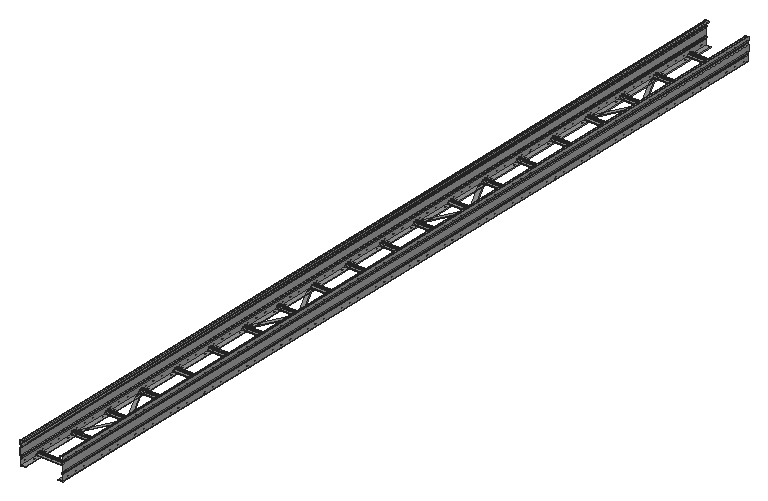
Revit family "W1630 FS, FT, FT SO, A4.28.08", category Generic Models, Revit 2017 (continued)
Dimensions and locks
  locked: Extrusion 203 sketch curve to Extrusion 203 sketch curve at 9
  locked: Extrusion 204 sketch curve to Extrusion 204 sketch curve at 9
  locked: Extrusion 205 sketch curve to Extrusion 205 sketch curve at 9
  locked: Extrusion 206 sketch curve to Extrusion 206 sketch curve at 9
  locked: Extrusion 207 sketch curve to Extrusion 207 sketch curve at 9
  locked: Extrusion 208 sketch curve to Extrusion 208 sketch curve at 9
  locked: Extrusion 209 sketch curve to Extrusion 209 sketch curve at 9
  locked: Extrusion 210 sketch curve to Extrusion 210 sketch curve at 9
  locked: Extrusion 211 sketch curve to Extrusion 211 sketch curve at 9
  locked: Extrusion 212 sketch curve to Extrusion 212 sketch curve at 9
  locked: Extrusion 213 sketch curve to Extrusion 213 sketch curve at 9
  locked: Extrusion 214 sketch curve to Extrusion 214 sketch curve at 9
  locked: Extrusion 215 sketch curve to Extrusion 215 sketch curve at 9
  locked: Extrusion 216 sketch curve to Extrusion 216 sketch curve at 9
  locked: Extrusion 217 sketch curve to Extrusion 217 sketch curve at 9
  locked: Extrusion 218 sketch curve to Extrusion 218 sketch curve at 9
  locked: Extrusion 219 sketch curve to Extrusion 219 sketch curve at 9
  locked: Extrusion 220 sketch curve to Extrusion 220 sketch curve at 9
  locked: Extrusion 221 sketch curve to Extrusion 221 sketch curve at 9
  locked: Extrusion 222 sketch curve to Extrusion 222 sketch curve at 9
  locked: Extrusion 223 sketch curve to Extrusion 223 sketch curve at 9
  locked: Extrusion 224 sketch curve to Extrusion 224 sketch curve at 9
  locked: Extrusion 225 sketch curve to Extrusion 225 sketch curve at 9
  locked: Extrusion 226 sketch curve to Extrusion 226 sketch curve at 9
  locked: Extrusion 227 sketch curve to Extrusion 227 sketch curve at 9
  locked: Extrusion 228 sketch curve to Extrusion 228 sketch curve at 9
  locked: Extrusion 229 sketch curve to Extrusion 229 sketch curve at 9
  locked: Extrusion 230 sketch curve to Extrusion 230 sketch curve at 9
  locked: Extrusion 231 sketch curve to Extrusion 231 sketch curve at 9
  locked: Extrusion 232 sketch curve to Extrusion 232 sketch curve at 9
  locked: Extrusion 233 sketch curve to Extrusion 233 sketch curve at 9
  locked: Extrusion 234 sketch curve to Extrusion 234 sketch curve at 9
  locked: Extrusion 235 sketch curve to Extrusion 235 sketch curve at 9
  locked: Extrusion 236 sketch curve to Extrusion 236 sketch curve at 9
  locked: Extrusion 237 sketch curve to Extrusion 237 sketch curve at 9
  locked: Extrusion 238 sketch curve to Extrusion 238 sketch curve at 9
  locked: Extrusion 239 sketch curve to Extrusion 239 sketch curve at 9
  locked: Extrusion 240 sketch curve to Extrusion 240 sketch curve at 9
  locked: Extrusion 241 sketch curve to Extrusion 241 sketch curve at 9
  locked: Extrusion 242 sketch curve to Extrusion 242 sketch curve at 9
  locked: Extrusion 243 sketch curve to Extrusion 243 sketch curve at 25
  locked: Extrusion 243 sketch curve to Extrusion 243 sketch curve at 9
  locked: Extrusion 244 sketch curve to Extrusion 244 sketch curve at 25
  locked: Extrusion 244 sketch curve to Extrusion 244 sketch curve at 9
  equal spacing: group 160, group 161, group 162, group 163, group 164, group 165, group 166, group 167, group 168, group 169, group 170, group 171, group 172, group 173, group 174, group 175, group 176, group 177, group 178, group 179, group 180, group 181, group 182, group 183, group 184, group 185, group 186, group 187, group 188, group 189, group 190, group 191, group 192, group 193, group 194, group 195, group 196, group 197, group 198, group 199, group 200, group 201, group 202, group 203, group 204, group 205, group 206, group 207, group 208, group 209, group 210, group 211, group 212, group 213, group 214, group 215, group 216, group 217, group 218, group 219, group 220, group 221, group 222, group 223, group 224, group 225, group 226, group 227, group 228, group 229, group 230, group 231, group 232, group 233, group 234, group 235, group 236, group 237, group 238, group 239  (x3)
  locked: Extrusion 245 sketch curve to Extrusion 245 sketch curve at 25
  locked: Extrusion 245 sketch curve to Extrusion 245 sketch curve at 9
  locked: Extrusion 246 sketch curve to Extrusion 246 sketch curve at 25
  locked: Extrusion 246 sketch curve to Extrusion 246 sketch curve at 9
  locked: Extrusion 247 sketch curve to Extrusion 247 sketch curve at 25
  locked: Extrusion 247 sketch curve to Extrusion 247 sketch curve at 9
  locked: Extrusion 248 sketch curve to Extrusion 248 sketch curve at 25
  locked: Extrusion 248 sketch curve to Extrusion 248 sketch curve at 9
  locked: Extrusion 249 sketch curve to Extrusion 249 sketch curve at 25
  locked: Extrusion 249 sketch curve to Extrusion 249 sketch curve at 9
  locked: Extrusion 250 sketch curve to Extrusion 250 sketch curve at 25
  locked: Extrusion 250 sketch curve to Extrusion 250 sketch curve at 9
  locked: Extrusion 251 sketch curve to Extrusion 251 sketch curve at 25
  locked: Extrusion 251 sketch curve to Extrusion 251 sketch curve at 9
  locked: Extrusion 252 sketch curve to Extrusion 252 sketch curve at 25
  locked: Extrusion 252 sketch curve to Extrusion 252 sketch curve at 9
  locked: Extrusion 253 sketch curve to Extrusion 253 sketch curve at 25
  locked: Extrusion 253 sketch curve to Extrusion 253 sketch curve at 9
  locked: Extrusion 254 sketch curve to Extrusion 254 sketch curve at 25
  locked: Extrusion 254 sketch curve to Extrusion 254 sketch curve at 9
  locked: Extrusion 255 sketch curve to Extrusion 255 sketch curve at 25
  locked: Extrusion 255 sketch curve to Extrusion 255 sketch curve at 9
  locked: Extrusion 256 sketch curve to Extrusion 256 sketch curve at 25
  locked: Extrusion 256 sketch curve to Extrusion 256 sketch curve at 9
  locked: Extrusion 257 sketch curve to Extrusion 257 sketch curve at 25
  locked: Extrusion 257 sketch curve to Extrusion 257 sketch curve at 9
  locked: Extrusion 258 sketch curve to Extrusion 258 sketch curve at 25
  locked: Extrusion 258 sketch curve to Extrusion 258 sketch curve at 9
  locked: Extrusion 259 sketch curve to Extrusion 259 sketch curve at 25
  locked: Extrusion 259 sketch curve to Extrusion 259 sketch curve at 9
  locked: Extrusion 260 sketch curve to Extrusion 260 sketch curve at 25
  locked: Extrusion 260 sketch curve to Extrusion 260 sketch curve at 9
  locked: Extrusion 261 sketch curve to Extrusion 261 sketch curve at 25
  locked: Extrusion 261 sketch curve to Extrusion 261 sketch curve at 9
  locked: Extrusion 262 sketch curve to Extrusion 262 sketch curve at 25
  locked: Extrusion 262 sketch curve to Extrusion 262 sketch curve at 9
  locked: Extrusion 263 sketch curve to Extrusion 263 sketch curve at 25
  locked: Extrusion 263 sketch curve to Extrusion 263 sketch curve at 9
  locked: Extrusion 264 sketch curve to Extrusion 264 sketch curve at 25
  locked: Extrusion 264 sketch curve to Extrusion 264 sketch curve at 9
  locked: Extrusion 265 sketch curve to Extrusion 265 sketch curve at 25
  locked: Extrusion 265 sketch curve to Extrusion 265 sketch curve at 9
  locked: Extrusion 266 sketch curve to Extrusion 266 sketch curve at 25
  locked: Extrusion 266 sketch curve to Extrusion 266 sketch curve at 9
  locked: Extrusion 267 sketch curve to Extrusion 267 sketch curve at 25
  locked: Extrusion 267 sketch curve to Extrusion 267 sketch curve at 9
  locked: Extrusion 268 sketch curve to Extrusion 268 sketch curve at 25
  locked: Extrusion 268 sketch curve to Extrusion 268 sketch curve at 9
  locked: Extrusion 269 sketch curve to Extrusion 269 sketch curve at 25
  locked: Extrusion 269 sketch curve to Extrusion 269 sketch curve at 9
  locked: Extrusion 270 sketch curve to Extrusion 270 sketch curve at 25
  locked: Extrusion 270 sketch curve to Extrusion 270 sketch curve at 9
  locked: Extrusion 271 sketch curve to Extrusion 271 sketch curve at 25
  locked: Extrusion 271 sketch curve to Extrusion 271 sketch curve at 9
  locked: Extrusion 272 sketch curve to Extrusion 272 sketch curve at 25
  locked: Extrusion 272 sketch curve to Extrusion 272 sketch curve at 9
  locked: Extrusion 273 sketch curve to Extrusion 273 sketch curve at 25
  locked: Extrusion 273 sketch curve to Extrusion 273 sketch curve at 9
  locked: Extrusion 274 sketch curve to Extrusion 274 sketch curve at 25
  locked: Extrusion 274 sketch curve to Extrusion 274 sketch curve at 9
  locked: Extrusion 275 sketch curve to Extrusion 275 sketch curve at 25
  locked: Extrusion 275 sketch curve to Extrusion 275 sketch curve at 9
  locked: Extrusion 276 sketch curve to Extrusion 276 sketch curve at 25
  locked: Extrusion 276 sketch curve to Extrusion 276 sketch curve at 9
  locked: Extrusion 277 sketch curve to Extrusion 277 sketch curve at 25
  locked: Extrusion 277 sketch curve to Extrusion 277 sketch curve at 9
  locked: Extrusion 278 sketch curve to Extrusion 278 sketch curve at 25
  locked: Extrusion 278 sketch curve to Extrusion 278 sketch curve at 9
  locked: Extrusion 279 sketch curve to Extrusion 279 sketch curve at 25
  locked: Extrusion 279 sketch curve to Extrusion 279 sketch curve at 9
  locked: Extrusion 280 sketch curve to Extrusion 280 sketch curve at 25
  locked: Extrusion 280 sketch curve to Extrusion 280 sketch curve at 9
  locked: Extrusion 281 sketch curve to Extrusion 281 sketch curve at 25
  locked: Extrusion 281 sketch curve to Extrusion 281 sketch curve at 9
  locked: Extrusion 282 sketch curve to Extrusion 282 sketch curve at 25
  locked: Extrusion 282 sketch curve to Extrusion 282 sketch curve at 9
  locked: Extrusion 283 sketch curve to Extrusion 283 sketch curve at 25
  locked: Extrusion 283 sketch curve to Extrusion 283 sketch curve at 9
  locked: Extrusion 284 sketch curve to Extrusion 284 sketch curve at 25
  locked: Extrusion 284 sketch curve to Extrusion 284 sketch curve at 9
  locked: Extrusion 285 sketch curve to Extrusion 285 sketch curve at 25
  locked: Extrusion 285 sketch curve to Extrusion 285 sketch curve at 9
  locked: Extrusion 286 sketch curve to Extrusion 286 sketch curve at 25
  locked: Extrusion 286 sketch curve to Extrusion 286 sketch curve at 9
  locked: Extrusion 287 sketch curve to Extrusion 287 sketch curve at 25
  locked: Extrusion 287 sketch curve to Extrusion 287 sketch curve at 9
  locked: Extrusion 288 sketch curve to Extrusion 288 sketch curve at 25
  locked: Extrusion 288 sketch curve to Extrusion 288 sketch curve at 9
  locked: Extrusion 289 sketch curve to Extrusion 289 sketch curve at 25
  locked: Extrusion 289 sketch curve to Extrusion 289 sketch curve at 9
  locked: Extrusion 290 sketch curve to Extrusion 290 sketch curve at 25
  locked: Extrusion 290 sketch curve to Extrusion 290 sketch curve at 9
  locked: Extrusion 291 sketch curve to Extrusion 291 sketch curve at 25
  locked: Extrusion 291 sketch curve to Extrusion 291 sketch curve at 9
  locked: Extrusion 292 sketch curve to Extrusion 292 sketch curve at 25
  locked: Extrusion 292 sketch curve to Extrusion 292 sketch curve at 9
  locked: Extrusion 293 sketch curve to Extrusion 293 sketch curve at 25
  locked: Extrusion 293 sketch curve to Extrusion 293 sketch curve at 9
  locked: Extrusion 294 sketch curve to Extrusion 294 sketch curve at 25
  locked: Extrusion 294 sketch curve to Extrusion 294 sketch curve at 9
  locked: Extrusion 295 sketch curve to Extrusion 295 sketch curve at 25
  locked: Extrusion 295 sketch curve to Extrusion 295 sketch curve at 9
  locked: Extrusion 296 sketch curve to Extrusion 296 sketch curve at 25
  locked: Extrusion 296 sketch curve to Extrusion 296 sketch curve at 9
  locked: Extrusion 297 sketch curve to Extrusion 297 sketch curve at 25
  locked: Extrusion 297 sketch curve to Extrusion 297 sketch curve at 9
  locked: Extrusion 298 sketch curve to Extrusion 298 sketch curve at 25
  locked: Extrusion 298 sketch curve to Extrusion 298 sketch curve at 9
  locked: Extrusion 299 sketch curve to Extrusion 299 sketch curve at 25
  locked: Extrusion 299 sketch curve to Extrusion 299 sketch curve at 9
  locked: Extrusion 300 sketch curve to Extrusion 300 sketch curve at 25
  locked: Extrusion 300 sketch curve to Extrusion 300 sketch curve at 9
  locked: Extrusion 301 sketch curve to Extrusion 301 sketch curve at 25
  locked: Extrusion 301 sketch curve to Extrusion 301 sketch curve at 9
  locked: Extrusion 302 sketch curve to Extrusion 302 sketch curve at 25
  locked: Extrusion 302 sketch curve to Extrusion 302 sketch curve at 9
  locked: Extrusion 303 sketch curve to Extrusion 303 sketch curve at 25
  locked: Extrusion 303 sketch curve to Extrusion 303 sketch curve at 9
  locked: Extrusion 304 sketch curve to Extrusion 304 sketch curve at 25
  locked: Extrusion 304 sketch curve to Extrusion 304 sketch curve at 9
  locked: Extrusion 305 sketch curve to Extrusion 305 sketch curve at 25
  locked: Extrusion 305 sketch curve to Extrusion 305 sketch curve at 9
  locked: Extrusion 306 sketch curve to Extrusion 306 sketch curve at 25
  locked: Extrusion 306 sketch curve to Extrusion 306 sketch curve at 9
  locked: Extrusion 307 sketch curve to Extrusion 307 sketch curve at 25
  locked: Extrusion 307 sketch curve to Extrusion 307 sketch curve at 9
  locked: Extrusion 308 sketch curve to Extrusion 308 sketch curve at 25
  locked: Extrusion 308 sketch curve to Extrusion 308 sketch curve at 9
  locked: Extrusion 309 sketch curve to Extrusion 309 sketch curve at 25
  locked: Extrusion 309 sketch curve to Extrusion 309 sketch curve at 9
  locked: Extrusion 310 sketch curve to Extrusion 310 sketch curve at 25
  locked: Extrusion 310 sketch curve to Extrusion 310 sketch curve at 9
  locked: Extrusion 311 sketch curve to Extrusion 311 sketch curve at 25
  locked: Extrusion 311 sketch curve to Extrusion 311 sketch curve at 9
  locked: Extrusion 312 sketch curve to Extrusion 312 sketch curve at 25
  locked: Extrusion 312 sketch curve to Extrusion 312 sketch curve at 9
  locked: Extrusion 313 sketch curve to Extrusion 313 sketch curve at 25
  locked: Extrusion 313 sketch curve to Extrusion 313 sketch curve at 9
  locked: Extrusion 314 sketch curve to Extrusion 314 sketch curve at 25
  locked: Extrusion 314 sketch curve to Extrusion 314 sketch curve at 9
  locked: Extrusion 315 sketch curve to Extrusion 315 sketch curve at 25
  locked: Extrusion 315 sketch curve to Extrusion 315 sketch curve at 9
  locked: Extrusion 316 sketch curve to Extrusion 316 sketch curve at 25
  locked: Extrusion 316 sketch curve to Extrusion 316 sketch curve at 9
  locked: Extrusion 317 sketch curve to Extrusion 317 sketch curve at 25
  locked: Extrusion 317 sketch curve to Extrusion 317 sketch curve at 9
  locked: Extrusion 318 sketch curve to Extrusion 318 sketch curve at 25
  locked: Extrusion 318 sketch curve to Extrusion 318 sketch curve at 9
  locked: Extrusion 319 sketch curve to Extrusion 319 sketch curve at 25
  locked: Extrusion 319 sketch curve to Extrusion 319 sketch curve at 9
  locked: Extrusion 320 sketch curve to Extrusion 320 sketch curve at 25
  locked: Extrusion 320 sketch curve to Extrusion 320 sketch curve at 9
  locked: Extrusion 321 sketch curve to Extrusion 321 sketch curve at 25
  locked: Extrusion 321 sketch curve to Extrusion 321 sketch curve at 9
  locked: Extrusion 322 sketch curve to Extrusion 322 sketch curve at 25
  locked: Extrusion 322 sketch curve to Extrusion 322 sketch curve at 9
  locked: Extrusion 323 sketch curve to plane 173 at 18
  locked: Extrusion 323 sketch curve to Extrusion 323 sketch curve at 16.5
  locked: Extrusion 323 to Extrusion 323 at 1.5  (x5)
  locked: plane 177 to plane 176 at 2
  locked: plane 180 to Extrusion 323 at 8.5
  locked: plane 180 to plane 178 at 50
  locked: plane 179 to plane 180 at 50
  locked: cut or joined group 1 (Extrusion 2, Extrusion 163, Extrusion 164, Extrusion 165, Extrusion 166, Extrusion 167, Extrusion 168, Extrusion 169, Extrusion 170, Extrusion 171, Extrusion 172, Extrusion 173, Extrusion 174, Extrusion 175, Extrusion 176, Extrusion 177, Extrusion 178, Extrusion 179, Extrusion 180, Extrusion 181, Extrusion 182, Extrusion 183, Extrusion 184, Extrusion 185, Extrusion 186, Extrusion 187, Extrusion 188, Extrusion 189, Extrusion 190, Extrusion 191, Extrusion 192, Extrusion 193, Extrusion 194, Extrusion 195, Extrusion 196, Extrusion 197, Extrusion 198, Extrusion 199, Extrusion 200, Extrusion 201, Extrusion 202, Extrusion 203, Extrusion 204, Extrusion 205, Extrusion 206, Extrusion 207, Extrusion 208, Extrusion 209, Extrusion 210, Extrusion 211, Extrusion 212, Extrusion 213, Extrusion 214, Extrusion 215, Extrusion 216, Extrusion 217, Extrusion 218, Extrusion 219, Extrusion 220, Extrusion 221, Extrusion 222, Extrusion 223, Extrusion 224, Extrusion 225, Extrusion 226, Extrusion 227, Extrusion 228, Extrusion 229, Extrusion 230, Extrusion 231, Extrusion 232, Extrusion 233, Extrusion 234, Extrusion 235, Extrusion 236, Extrusion 237, Extrusion 238, Extrusion 239, Extrusion 240, Extrusion 241, Extrusion 242, Extrusion 243, Extrusion 244, Extrusion 245, Extrusion 246, Extrusion 247, Extrusion 248, Extrusion 249, Extrusion 250, Extrusion 251, Extrusion 252, Extrusion 253, Extrusion 254, Extrusion 255, Extrusion 256, Extrusion 257, Extrusion 258, Extrusion 259, Extrusion 260, Extrusion 261, Extrusion 262, Extrusion 263, Extrusion 264, Extrusion 265, Extrusion 266, Extrusion 267, Extrusion 268, Extrusion 269, Extrusion 270, Extrusion 271, Extrusion 272, Extrusion 273, Extrusion 274, Extrusion 275, Extrusion 276, Extrusion 277, Extrusion 278, Extrusion 279, Extrusion 280, Extrusion 281, Extrusion 282, Extrusion 283, Extrusion 284, Extrusion 285, Extrusion 286, Extrusion 287, Extrusion 288, Extrusion 289, Extrusion 290, Extrusion 291, Extrusion 292, Extrusion 293, Extrusion 294, Extrusion 295, Extrusion 296, Extrusion 297, Extrusion 298, Extrusion 299, Extrusion 300, Extrusion 301, Extrusion 302, Extrusion 303, Extrusion 304, Extrusion 305, Extrusion 306, Extrusion 307, Extrusion 308, Extrusion 309, Extrusion 310, Extrusion 311, Extrusion 312, Extrusion 313, Extrusion 314, Extrusion 315, Extrusion 316, Extrusion 317, Extrusion 318, Extrusion 319, Extrusion 320, Extrusion 321, Extrusion 322, Extrusion 324, Extrusion 325, Extrusion 326, Extrusion 327, Extrusion 328, Extrusion 329, Extrusion 330, Extrusion 331, Extrusion 332, Extrusion 333, Extrusion 334, Extrusion 335, Extrusion 336, Extrusion 337, Extrusion 338, Extrusion 339, Extrusion 340, Extrusion 341, Extrusion 342, Extrusion 343, Extrusion 344, Extrusion 345, Extrusion 346, Extrusion 347, Extrusion 348, Extrusion 349, Extrusion 350, Extrusion 351, Extrusion 352, Extrusion 353, Extrusion 354, Extrusion 355, Extrusion 356, Extrusion 357, Extrusion 358, Extrusion 359, Extrusion 360, Extrusion 361, Extrusion 362, Extrusion 363, Extrusion 404, Extrusion 407, Extrusion 409, Extrusion 411, Extrusion 413, Extrusion 415, Extrusion 417, Extrusion 419, Extrusion 421, Extrusion 423, Extrusion 425, Extrusion 427, Extrusion 429, Extrusion 431, Extrusion 433, Extrusion 435, Extrusion 437, Extrusion 439, Extrusion 441, Extrusion 443) to plane 181 at 18
  equal spacing: group 241, group 242, group 243, group 244, group 245, group 246, group 247, group 248, group 249, group 250, group 251, group 252, group 253, group 254, group 255, group 256, group 257, group 258, group 259, group 260  (x3)
  locked: cut or joined group 1 to plane 202 at 18
  locked: cut or joined group 1 to cut or joined group 1 at 20.5
  equal spacing: group 261, group 262, group 263, group 264, group 265, group 266, group 267, group 268, group 269, group 270, group 271, group 272, group 273, group 274, group 275, group 276, group 277, group 278, group 279, group 280  (x3)
  locked: plane 225 to cut or joined group 2 (Extrusion 1, Extrusion 3, Extrusion 4, Extrusion 5, Extrusion 6, Extrusion 7, Extrusion 8, Extrusion 9, Extrusion 10, Extrusion 11, Extrusion 12, Extrusion 13, Extrusion 14, Extrusion 15, Extrusion 16, Extrusion 17, Extrusion 18, Extrusion 19, Extrusion 20, Extrusion 21, Extrusion 22, Extrusion 23, Extrusion 24, Extrusion 25, Extrusion 26, Extrusion 27, Extrusion 28, Extrusion 29, Extrusion 30, Extrusion 31, Extrusion 32, Extrusion 33, Extrusion 34, Extrusion 35, Extrusion 36, Extrusion 37, Extrusion 38, Extrusion 39, Extrusion 40, Extrusion 41, Extrusion 42, Extrusion 43, Extrusion 44, Extrusion 45, Extrusion 46, Extrusion 47, Extrusion 48, Extrusion 49, Extrusion 50, Extrusion 51, Extrusion 52, Extrusion 53, Extrusion 54, Extrusion 55, Extrusion 56, Extrusion 57, Extrusion 58, Extrusion 59, Extrusion 60, Extrusion 61, Extrusion 62, Extrusion 63, Extrusion 64, Extrusion 65, Extrusion 66, Extrusion 67, Extrusion 68, Extrusion 69, Extrusion 70, Extrusion 71, Extrusion 72, Extrusion 73, Extrusion 74, Extrusion 75, Extrusion 76, Extrusion 77, Extrusion 78, Extrusion 79, Extrusion 80, Extrusion 81, Extrusion 82, Extrusion 83, Extrusion 84, Extrusion 85, Extrusion 86, Extrusion 87, Extrusion 88, Extrusion 89, Extrusion 90, Extrusion 91, Extrusion 92, Extrusion 93, Extrusion 94, Extrusion 95, Extrusion 96, Extrusion 97, Extrusion 98, Extrusion 99, Extrusion 100, Extrusion 101, Extrusion 102, Extrusion 103, Extrusion 104, Extrusion 105, Extrusion 106, Extrusion 107, Extrusion 108, Extrusion 109, Extrusion 110, Extrusion 111, Extrusion 112, Extrusion 113, Extrusion 114, Extrusion 115, Extrusion 116, Extrusion 117, Extrusion 118, Extrusion 119, Extrusion 120, Extrusion 121, Extrusion 122, Extrusion 123, Extrusion 124, Extrusion 125, Extrusion 126, Extrusion 127, Extrusion 128, Extrusion 129, Extrusion 130, Extrusion 131, Extrusion 132, Extrusion 133, Extrusion 134, Extrusion 135, Extrusion 136, Extrusion 137, Extrusion 138, Extrusion 139, Extrusion 140, Extrusion 141, Extrusion 142, Extrusion 143, Extrusion 144, Extrusion 145, Extrusion 146, Extrusion 147, Extrusion 148, Extrusion 149, Extrusion 150, Extrusion 151, Extrusion 152, Extrusion 153, Extrusion 154, Extrusion 155, Extrusion 156, Extrusion 157, Extrusion 158, Extrusion 159, Extrusion 160, Extrusion 161, Extrusion 162, Extrusion 163, Extrusion 243, Extrusion 364, Extrusion 365, Extrusion 366, Extrusion 367, Extrusion 368, Extrusion 369, Extrusion 370, Extrusion 371, Extrusion 372, Extrusion 373, Extrusion 374, Extrusion 375, Extrusion 376, Extrusion 377, Extrusion 378, Extrusion 379, Extrusion 380, Extrusion 381, Extrusion 382, Extrusion 383, Extrusion 384, Extrusion 385, Extrusion 386, Extrusion 387, Extrusion 388, Extrusion 389, Extrusion 390, Extrusion 391, Extrusion 392, Extrusion 393, Extrusion 394, Extrusion 395, Extrusion 396, Extrusion 397, Extrusion 398, Extrusion 399, Extrusion 400, Extrusion 401, Extrusion 402, Extrusion 403, Extrusion 404, Extrusion 407, Extrusion 409, Extrusion 411, Extrusion 413, Extrusion 415, Extrusion 417, Extrusion 419, Extrusion 421, Extrusion 423, Extrusion 425, Extrusion 427, Extrusion 429, Extrusion 431, Extrusion 433, Extrusion 435, Extrusion 437, Extrusion 439, Extrusion 441, Extrusion 443) at 18
  locked: plane 227 to plane 226 at 269
  equal spacing: group 281, group 282, group 283, group 284, group 285, group 286, group 287, group 288, group 289, group 290, group 291, group 292, group 293, group 294, group 295, group 296, group 297, group 298, group 299, group 300  (x3)
  locked: plane 228 to cut or joined group 2 at 18
  locked: cut or joined group 2 to cut or joined group 2 at 15.5
  equal spacing: group 301, group 302, group 303, group 304, group 305, group 306, group 307, group 308, group 309, group 310, group 311, group 312, group 313, group 314, group 315, group 316, group 317, group 318, group 319, group 320  (x3)
  locked: cut or joined group 1 to plane 229 at 15.5
  locked: cut or joined group 1 to plane 230 at 12.5
  locked: plane 237 to Extrusion 404 sketch curve at 30.836
  locked: plane 234 to plane 232 at 30
  locked: Extrusion 405 sketch curve to plane 239 at 18
  locked: Extrusion 405 sketch curve to Extrusion 405 sketch curve at 16.5
  locked: Extrusion 406 sketch curve to plane 240 at 18
  locked: Extrusion 406 sketch curve to Extrusion 406 sketch curve at 16.5
  locked: Extrusion 406 to Extrusion 406 at 1.5  (x5)
  locked: plane 247 to Extrusion 407 sketch curve at 30.836
  locked: plane 244 to plane 242 at 30
  equal spacing: group 322, group 324, group 326, group 328, group 330, group 332, group 334, group 336, group 338, group 340, group 342, group 344, group 346, group 348, group 350, group 352, group 354, group 356, group 358, group 360  (x3)
  locked: Extrusion 408 sketch curve to plane 249 at 18
  locked: Extrusion 408 sketch curve to Extrusion 408 sketch curve at 16.5
  locked: Extrusion 408 to Extrusion 408 at 1.5  (x5)
  locked: plane 256 to Extrusion 409 sketch curve at 30.836
  locked: plane 253 to plane 251 at 30
  locked: Extrusion 410 sketch curve to plane 258 at 18
  locked: Extrusion 410 sketch curve to Extrusion 410 sketch curve at 16.5
  locked: Extrusion 410 to Extrusion 410 at 1.5  (x5)
  locked: plane 265 to Extrusion 411 sketch curve at 30.836
  locked: plane 262 to plane 260 at 30
  locked: Extrusion 412 sketch curve to plane 267 at 18
  locked: Extrusion 412 sketch curve to Extrusion 412 sketch curve at 16.5
  locked: Extrusion 412 to Extrusion 412 at 1.5  (x5)
  locked: plane 274 to Extrusion 413 sketch curve at 30.836
  locked: plane 271 to plane 269 at 30
  locked: Extrusion 414 sketch curve to plane 276 at 18
  locked: Extrusion 414 sketch curve to Extrusion 414 sketch curve at 16.5
  locked: Extrusion 414 to Extrusion 414 at 1.5  (x5)
  locked: plane 283 to Extrusion 415 sketch curve at 30.836
  locked: plane 280 to plane 278 at 30
  locked: Extrusion 416 sketch curve to plane 285 at 18
  locked: Extrusion 416 sketch curve to Extrusion 416 sketch curve at 16.5
  locked: Extrusion 416 to Extrusion 416 at 1.5  (x5)
  locked: plane 292 to Extrusion 417 sketch curve at 30.836
  locked: plane 289 to plane 287 at 30
  locked: Extrusion 418 sketch curve to plane 294 at 18
  locked: Extrusion 418 sketch curve to Extrusion 418 sketch curve at 16.5
  locked: Extrusion 418 to Extrusion 418 at 1.5  (x5)
  locked: plane 301 to Extrusion 419 sketch curve at 30.836
  locked: plane 298 to plane 296 at 30
  locked: Extrusion 420 sketch curve to plane 303 at 18
  locked: Extrusion 420 sketch curve to Extrusion 420 sketch curve at 16.5
  locked: Extrusion 420 to Extrusion 420 at 1.5  (x5)
  locked: plane 310 to Extrusion 421 sketch curve at 30.836
  locked: plane 307 to plane 305 at 30
  locked: Extrusion 422 sketch curve to plane 312 at 18
  locked: Extrusion 422 sketch curve to Extrusion 422 sketch curve at 16.5
  locked: Extrusion 422 to Extrusion 422 at 1.5  (x5)
  locked: plane 319 to Extrusion 423 sketch curve at 30.836
  locked: plane 316 to plane 314 at 30
  locked: Extrusion 424 sketch curve to plane 321 at 18
  locked: Extrusion 424 sketch curve to Extrusion 424 sketch curve at 16.5
  locked: Extrusion 424 to Extrusion 424 at 1.5  (x5)
  locked: plane 328 to Extrusion 425 sketch curve at 30.836
  locked: plane 325 to plane 323 at 30
  locked: Extrusion 426 sketch curve to plane 330 at 18
  locked: Extrusion 426 sketch curve to Extrusion 426 sketch curve at 16.5
  locked: Extrusion 426 to Extrusion 426 at 1.5  (x5)
  locked: plane 337 to Extrusion 427 sketch curve at 30.836
  locked: plane 334 to plane 332 at 30
  locked: Extrusion 428 sketch curve to plane 339 at 18
  locked: Extrusion 428 sketch curve to Extrusion 428 sketch curve at 16.5
  locked: Extrusion 428 to Extrusion 428 at 1.5  (x5)
  locked: plane 346 to Extrusion 429 sketch curve at 30.836
  locked: plane 343 to plane 341 at 30
  locked: Extrusion 430 sketch curve to plane 348 at 18
  locked: Extrusion 430 sketch curve to Extrusion 430 sketch curve at 16.5
  locked: Extrusion 430 to Extrusion 430 at 1.5  (x5)
  locked: plane 355 to Extrusion 431 sketch curve at 30.836
  locked: plane 352 to plane 350 at 30
  locked: Extrusion 432 sketch curve to plane 357 at 18
  locked: Extrusion 432 sketch curve to Extrusion 432 sketch curve at 16.5
  locked: Extrusion 432 to Extrusion 432 at 1.5  (x5)
  locked: plane 364 to Extrusion 433 sketch curve at 30.836
  locked: plane 361 to plane 359 at 30
  locked: Extrusion 434 sketch curve to plane 366 at 18
  locked: Extrusion 434 sketch curve to Extrusion 434 sketch curve at 16.5
  locked: Extrusion 434 to Extrusion 434 at 1.5  (x5)
  locked: plane 373 to Extrusion 435 sketch curve at 30.836
  locked: plane 370 to plane 368 at 30
  locked: Extrusion 436 sketch curve to plane 375 at 18
  locked: Extrusion 436 sketch curve to Extrusion 436 sketch curve at 16.5
  locked: Extrusion 436 to Extrusion 436 at 1.5  (x5)
  locked: plane 382 to Extrusion 437 sketch curve at 30.836
  locked: plane 379 to plane 377 at 30
  locked: Extrusion 438 sketch curve to plane 384 at 18
  locked: Extrusion 438 sketch curve to Extrusion 438 sketch curve at 16.5
  locked: Extrusion 438 to Extrusion 438 at 1.5  (x5)
  locked: plane 391 to Extrusion 439 sketch curve at 30.836
  locked: plane 388 to plane 386 at 30
  locked: Extrusion 440 sketch curve to plane 393 at 18
  locked: Extrusion 440 sketch curve to Extrusion 440 sketch curve at 16.5
  locked: Extrusion 440 to Extrusion 440 at 1.5  (x5)
  locked: plane 400 to Extrusion 441 sketch curve at 30.836
  locked: plane 397 to plane 395 at 30
  locked: Extrusion 442 sketch curve to plane 402 at 18
  locked: Extrusion 442 sketch curve to Extrusion 442 sketch curve at 16.5
  locked: Extrusion 442 to Extrusion 442 at 1.5  (x5)
  locked: plane 409 to Extrusion 443 sketch curve at 30.836
  locked: plane 406 to plane 404 at 30
  locked: plane 413 to plane 412 at 7.221
  locked: Extrusion 444 to Extrusion 444 at 25  (x2)
  "Height 1": Extrusion 444 to Extrusion 444
  locked: Extrusion 445 sketch curve to Extrusion 445 sketch curve at 25
  "Height 1": Extrusion 445 to Extrusion 445
  locked: plane 426 to plane 416 at 521.144
  locked: cut or joined group 1 to Extrusion 444 at 30.156
  locked: Extrusion 445 to Extrusion 444 at 99.957
  locked: Extrusion 446 to Extrusion 446 at 25  (x2)
  "Height 1": Extrusion 446 to Extrusion 446
  equal spacing: group 361, group 362, group 363, group 364  (x3)
  locked: Extrusion 447 to Extrusion 447 at 25  (x2)
  "Height 1": Extrusion 447 to Extrusion 447
  locked: Extrusion 448 to Extrusion 448 at 25  (x2)
  "Height 1": Extrusion 448 to Extrusion 448
  locked: Extrusion 449 sketch curve to Extrusion 449 sketch curve at 25
  "Height 1": Extrusion 449 to Extrusion 449
  equal spacing: group 365, group 366, group 367, group 368  (x3)
  locked: Extrusion 450 sketch curve to Extrusion 450 sketch curve at 25
  "Height 1": Extrusion 450 to Extrusion 450
